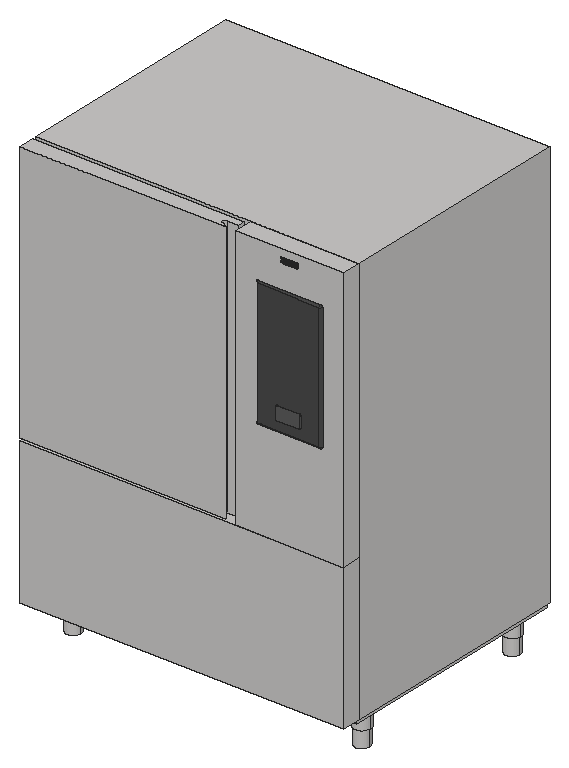
Revit family "QF_ZANUSSI_110549_ZBFA12E", category Specialty Equipment, Revit 2018
Family settings
  Round Connector Dimension = Use Diameter
  Part Type = Normal
  Work Plane-Based = No
  Always vertical = Yes
  Cut with Voids When Loaded = No
  Shared = No
  Room Calculation Point = No
Parameters
  Weight = 0.00 kg
  Watts = 510.967 W
  Volts = 380 V
  URL Manufacturer = "http://www.zanussiprofessional.com"
  URL = "http://www.zanussiprofessional.com"
  Steam Supply Size = 0 mm
  Steam Supply Minimum Pressure = 0.0 Pa
  Steam Supply Maximum Pressure = 0.0 Pa
  Steam Pounds per Hour = 0
  Show Logo [instance] = yes
  Show Clearance [instance] = yes
  Refrigeration Suction Line Size = 0 mm
  Refrigeration Liquid Line Size = 0 mm
  Refrigerant Compressor Remote = yes
  Manufacturer = "Zanussi"
  Phase = 3
  Model = "ZBFA12E"
  Length Actual = 1250 mm  # constant formula
  Item Number = "110549"
  Hot Water Size = 0 mm
  Height Actual = 1730 mm  # constant formula
  HP = "7.4 HP"
  Gas Size = 0 mm
  Gas KW = 0
  Gas Input Pressure = 0 W
  Description = "RAPIDO BLAST CHILLER FREEZER 100/70KG 10 GN 2/1"
  Depth Actual = 1092 mm  # constant formula
  Cycle = 50 Hz
  Condensate Return Size = 0 mm
  Compressed Air Volume = 0.0 L/s
  Compressed Air Size = 0 mm
  Compressed Air Pressure = 0.0 Pa
  Cold Water Size = 0 mm
  Accessory = yes
Reference planes
  plane 1 "Center X": y = 205.851
  plane 2: z = 0
  plane 3 "Center Y": x = -311.5
  plane 4 "BACK": y = 703.851
  plane 5 "FRONT": y = -292.149
  plane 6: z = 130
  plane 7 "TOP": z = 1730
  plane 8: y = 608.851
  plane 9: y = 795.851
  plane 10: y = -1071.149
  plane 11 "RIGHT": x = 313.5
  plane 12 "LEFT": x = -936.5
  plane 13: x = -869.5
  plane 14: x = 246.5
  plane 15: y = -118.149
Forms (mm)
  Extrusion 1, solid, material "QF_Finishes_Stainless Steel"
    sketch origin (0, 0, 1730) x (-1, 0, 0) y (0, -1, 0)
      loop
        line (936.5, -703.851) -> (936.5, 216.149) -> (-313.5, 216.149) -> (-313.5, -703.851) -> (936.5, -703.851)
    from 0 to -1580
  Extrusion 2, solid, material "QF_Finishes_Stainless Steel"
    sketch origin (-645.92, -0.954, 258.709) x (0, 1, 0) y (0, 0, 1)
      loop
        line (704.805, 694.306) -> (704.805, 392.314) -> (789.5, 399.789)
        arc (789.5, 399.789) -> (794.702, 402.354) -> (796.805, 407.759) r 8
        line (796.805, 407.759) -> (796.805, 433.233)
        arc (796.805, 433.233) -> (792.783, 442.547) -> (796.805, 451.86) r 12.795
        line (796.805, 451.86) -> (796.805, 483.24)
        arc (796.805, 483.24) -> (792.783, 492.554) -> (796.805, 501.867) r 12.795
        line (796.805, 501.867) -> (796.805, 533.247)
        arc (796.805, 533.247) -> (792.783, 542.56) -> (796.805, 551.874) r 12.795
        line (796.805, 551.874) -> (796.805, 583.254)
        arc (796.805, 583.254) -> (792.783, 592.567) -> (796.805, 601.881) r 12.795
        line (796.805, 601.881) -> (796.805, 634.796)
        arc (796.805, 634.796) -> (795.466, 639.795) -> (791.808, 643.455) r 10
        line (791.808, 643.455) -> (704.805, 694.306)
    from 618.187 to 801.865
  Extrusion 3, solid, material "QF_Finishes_Stainless Steel"
    sketch origin (-261.647, 703.851, 2065) x (1, 0, 0) y (0, 0, -1)
      loop
        circle (482.147, 1472) r 10.5
    from 0 to 29
  Extrusion 4, solid, material "QF_Finishes_Stainless Steel"
    sketch origin (-1206.916, -1524, 130) x (-1, 0, 0) y (0, -1, 0)
      loop
        line (-270.416, -1231.851) -> (-1520.416, -1231.851) -> (-1520.416, -1306.851) -> (-270.416, -1306.851) -> (-270.416, -1231.851)
    from 580 to 20.02
  Extrusion 5, solid, material "QF_Finishes_Stainless Steel"
    sketch origin (-1206.916, -1524, 130) x (-1, 0, 0) y (0, -1, 0)
      loop
        line (-279.416, -2227.851) -> (-279.416, -1309.851) -> (-1511.416, -1309.851) -> (-1511.416, -2227.851) -> (-279.416, -2227.851)
    from 20 to 0
  Extrusion 6, solid, material "QF_Finishes_Stainless Steel"
    sketch origin (-1206.916, -1524, 130) x (0, -1, 0) y (-1, 0, 0)
      loop
        circle (-1739.851, -840.416) r 9.5
    from 0 to 31.68
  Extrusion 7, void
    sketch origin (114.08, 0, 1730) x (-1, 0, 0) y (0, -1, 0)
      loop
        line (132.09, -795.851) -> (141.813, -795.851) -> (141.813, -703.851) -> (140.183, -703.851) -> (132.09, -795.851)
      loop
        line (-40.234, -703.851) -> (-41.865, -703.851) -> (-41.865, -795.851) -> (-32.141, -795.851) -> (-40.234, -703.851)
    from -1080 to -770
  Extrusion 8, solid, material "QF_Finishes_Stainless Steel"
    sketch origin (-623, -292.149, 0) x (1, 0, 0) y (0, 0, -1)
      loop
        line (504.7, -1730) -> (504.7, -719.524) -> (-313.5, -719.524) -> (-313.5, -1730) -> (504.7, -1730)
    from 0 to 60
  Extrusion 9, solid, material "QF_Finishes_Stainless Steel"
    sketch origin (-445.5, 0, 1060.038) x (1, 0, 0) y (0, 1, 0)
      loop
        line (759, -292.149) -> (759, -217.149) -> (342, -217.149) -> (342, -292.149) -> (759, -292.149)
    from 669.962 to -349
  Extrusion 10, solid, material "QF_Door-Drawer Clearances", visible <- "Show Clearance", detail levels coarse
    sketch origin (-623, 0, 1060.038) x (1, 0, 0) y (0, 1, 0)
      loop
        line (-260.5, -292.149) -> (-260.5, -1068.649)
        arc (-260.5, -1068.649) -> (276.158, -832.215) -> (504.7, -292.149) r 795
        line (504.7, -292.149) -> (-260.5, -292.149)
    from -340.514 to 669.962
  Extrusion 11, void
    sketch origin (136, -219.149, 1731) x (1, 0, 0) y (0, 0, -1)
      loop
        line (-387.5, 75) -> (-387.5, 977) -> (-998.5, 977) -> (-998.5, 75) -> (-387.5, 75)
    from 0 to 705
  Extrusion 12, solid, material "QF_Door-Drawer Clearances", visible <- "Show Clearance", detail levels coarse
    sketch origin (-943.5, -326.949, 0) x (0, -1, 0) y (0, 0, -1)
      loop
        line (741.7, -1730) -> (741.7, -719.524) -> (-34.8, -719.524) -> (-34.8, -1730) -> (741.7, -1730)
    from 0 to 60
  Extrusion 13, void
    sketch origin (-791.045, 3, 0) x (1, 0, 0) y (0, 1, 0)
      loop
        arc (627.437, -262.922) -> (619.313, -269.056) -> (623.077, -278.514) r 8.395
        line (623.077, -278.514) -> (650.783, -295.149) -> (672.745, -295.149) -> (672.745, -262.922) -> (627.437, -262.922)
    from 719.524 to 1730
  Extrusion 14, void
    sketch origin (-1174.194, -617.449, 0) x (0, 1, 0) y (-1, 0, 0)
      loop
        arc (-405.892, -262.922) -> (-397.768, -256.787) -> (-401.532, -247.329) r 8.395
        line (-401.532, -247.329) -> (-429.238, -230.694) -> (-451.2, -230.694) -> (-451.2, -262.922) -> (-405.892, -262.922)
    from 719.524 to 1730
Cuts and joins
  Extrusion 11 cuts Extrusion 1
  Extrusion 7, Extrusion 11 cuts Extrusion 2
  Extrusion 11 cuts Extrusion 3
  Extrusion 11 cuts Extrusion 5
  Extrusion 11 cuts Extrusion 6
  joined: Extrusion 1, Extrusion 2, Extrusion 3, Extrusion 5, Extrusion 6
  Extrusion 13 cuts Extrusion 10
  Extrusion 13, Extrusion 14 cuts Extrusion 12
  joined: Extrusion 10, Extrusion 12
  Extrusion 13 cuts Extrusion 4
  Extrusion 13 cuts Extrusion 8
Lines and regions (mm)
  Split face 1
    outline origin (775.107, -292.149, -365.12) x (-1, 0, 0) y (0, 0, -1)
      loop
        line (491.638, -548.639) -> (601.654, -548.639) -> (601.654, -543.665) -> (491.638, -543.665) -> (491.638, -548.639)
  Split face 2
    outline origin (775.107, -292.149, -355.62) x (-1, 0, 0) y (0, 0, -1)
      loop
        line (491.638, -548.639) -> (601.654, -548.639) -> (601.654, -543.665) -> (491.638, -543.665) -> (491.638, -548.639)
  Split face 3
    outline origin (775.107, -292.149, -346.12) x (-1, 0, 0) y (0, 0, -1)
      loop
        line (491.638, -548.639) -> (601.654, -548.639) -> (601.654, -543.665) -> (491.638, -543.665) -> (491.638, -548.639)
  Split face 4
    outline origin (775.107, -292.149, -336.62) x (-1, 0, 0) y (0, 0, -1)
      loop
        line (491.638, -548.639) -> (601.654, -548.639) -> (601.654, -543.665) -> (491.638, -543.665) -> (491.638, -548.639)
  Split face 5
    outline origin (775.107, -292.149, -327.12) x (-1, 0, 0) y (0, 0, -1)
      loop
        line (491.638, -548.639) -> (601.654, -548.639) -> (601.654, -543.665) -> (491.638, -543.665) -> (491.638, -548.639)
  Split face 6
    outline origin (775.107, -292.149, -317.619) x (-1, 0, 0) y (0, 0, -1)
      loop
        line (491.638, -548.639) -> (601.654, -548.639) -> (601.654, -543.665) -> (491.638, -543.665) -> (491.638, -548.639)
  Split face 7
    outline origin (775.107, -292.149, -308.119) x (-1, 0, 0) y (0, 0, -1)
      loop
        line (491.638, -548.639) -> (601.654, -548.639) -> (601.654, -543.665) -> (491.638, -543.665) -> (491.638, -548.639)
  Split face 8
    outline origin (775.107, -292.149, -298.619) x (-1, 0, 0) y (0, 0, -1)
      loop
        line (491.638, -548.639) -> (601.654, -548.639) -> (601.654, -543.665) -> (491.638, -543.665) -> (491.638, -548.639)
  Split face 9
    outline origin (775.107, -292.149, -289.119) x (-1, 0, 0) y (0, 0, -1)
      loop
        line (491.638, -548.639) -> (601.654, -548.639) -> (601.654, -543.665) -> (491.638, -543.665) -> (491.638, -548.639)
  Split face 10
    outline origin (775.107, -292.149, -279.619) x (-1, 0, 0) y (0, 0, -1)
      loop
        line (491.638, -548.639) -> (601.654, -548.639) -> (601.654, -543.665) -> (491.638, -543.665) -> (491.638, -548.639)
  Split face 11
    outline origin (775.107, -292.149, -270.119) x (-1, 0, 0) y (0, 0, -1)
      loop
        line (491.638, -548.639) -> (601.654, -548.639) -> (601.654, -543.665) -> (491.638, -543.665) -> (491.638, -548.639)
  Split face 12
    outline origin (775.107, -292.149, -260.619) x (-1, 0, 0) y (0, 0, -1)
      loop
        line (491.638, -548.639) -> (601.654, -548.639) -> (601.654, -543.665) -> (491.638, -543.665) -> (491.638, -548.639)
  Split face 13
    outline origin (775.107, -292.149, -251.119) x (-1, 0, 0) y (0, 0, -1)
      loop
        line (491.638, -548.639) -> (601.654, -548.639) -> (601.654, -543.665) -> (491.638, -543.665) -> (491.638, -548.639)
  Split face 14
    outline origin (775.107, -292.149, -241.619) x (-1, 0, 0) y (0, 0, -1)
      loop
        line (491.638, -548.639) -> (601.654, -548.639) -> (601.654, -543.665) -> (491.638, -543.665) -> (491.638, -548.639)
  Split face 15
    outline origin (775.107, -292.149, -232.119) x (-1, 0, 0) y (0, 0, -1)
      loop
        line (491.638, -548.639) -> (601.654, -548.639) -> (601.654, -543.665) -> (491.638, -543.665) -> (491.638, -548.639)
  Split face 16
    outline origin (775.107, -292.149, -222.619) x (-1, 0, 0) y (0, 0, -1)
      loop
        line (491.638, -548.639) -> (601.654, -548.639) -> (601.654, -543.665) -> (491.638, -543.665) -> (491.638, -548.639)
  Split face 17
    outline origin (775.107, -292.149, -213.119) x (-1, 0, 0) y (0, 0, -1)
      loop
        line (491.638, -548.639) -> (601.654, -548.639) -> (601.654, -543.665) -> (491.638, -543.665) -> (491.638, -548.639)
  Split face 18
    outline origin (775.107, -292.149, -203.619) x (-1, 0, 0) y (0, 0, -1)
      loop
        line (491.638, -548.639) -> (601.654, -548.639) -> (601.654, -543.665) -> (491.638, -543.665) -> (491.638, -548.639)
  Split face 19
    outline origin (775.107, -292.149, -194.118) x (-1, 0, 0) y (0, 0, -1)
      loop
        line (491.638, -548.639) -> (601.654, -548.639) -> (601.654, -543.665) -> (491.638, -543.665) -> (491.638, -548.639)
  Split face 20
    outline origin (775.107, -292.149, -184.618) x (-1, 0, 0) y (0, 0, -1)
      loop
        line (491.638, -548.639) -> (601.654, -548.639) -> (601.654, -543.665) -> (491.638, -543.665) -> (491.638, -548.639)
  Split face 21
    outline origin (775.107, -292.149, -175.118) x (-1, 0, 0) y (0, 0, -1)
      loop
        line (491.638, -548.639) -> (601.654, -548.639) -> (601.654, -543.665) -> (491.638, -543.665) -> (491.638, -548.639)
  Split face 22
    outline origin (775.107, -292.149, -165.618) x (-1, 0, 0) y (0, 0, -1)
      loop
        line (491.638, -548.639) -> (601.654, -548.639) -> (601.654, -543.665) -> (491.638, -543.665) -> (491.638, -548.639)
  Split face 23
    outline origin (775.107, -292.149, -156.118) x (-1, 0, 0) y (0, 0, -1)
      loop
        line (491.638, -548.639) -> (601.654, -548.639) -> (601.654, -543.665) -> (491.638, -543.665) -> (491.638, -548.639)
  Split face 24
    outline origin (775.107, -292.149, -146.618) x (-1, 0, 0) y (0, 0, -1)
      loop
        line (491.638, -548.639) -> (601.654, -548.639) -> (601.654, -543.665) -> (491.638, -543.665) -> (491.638, -548.639)
  Split face 25
    outline origin (775.107, -292.149, -137.118) x (-1, 0, 0) y (0, 0, -1)
      loop
        line (491.638, -548.639) -> (601.654, -548.639) -> (601.654, -543.665) -> (491.638, -543.665) -> (491.638, -548.639)
  Split face 26
    outline origin (775.107, -292.149, -127.618) x (-1, 0, 0) y (0, 0, -1)
      loop
        line (491.638, -548.639) -> (601.654, -548.639) -> (601.654, -543.665) -> (491.638, -543.665) -> (491.638, -548.639)
  Split face 27
    outline origin (775.107, -292.149, -118.118) x (-1, 0, 0) y (0, 0, -1)
      loop
        line (491.638, -548.639) -> (601.654, -548.639) -> (601.654, -543.665) -> (491.638, -543.665) -> (491.638, -548.639)
  Split face 28
    outline origin (775.107, -292.149, -108.618) x (-1, 0, 0) y (0, 0, -1)
      loop
        line (491.638, -548.639) -> (601.654, -548.639) -> (601.654, -543.665) -> (491.638, -543.665) -> (491.638, -548.639)
  Split face 29
    outline origin (775.107, -292.149, -99.118) x (-1, 0, 0) y (0, 0, -1)
      loop
        line (491.638, -548.639) -> (601.654, -548.639) -> (601.654, -543.665) -> (491.638, -543.665) -> (491.638, -548.639)
  Split face 30
    outline origin (775.107, -292.149, -89.618) x (-1, 0, 0) y (0, 0, -1)
      loop
        line (491.638, -548.639) -> (601.654, -548.639) -> (601.654, -543.665) -> (491.638, -543.665) -> (491.638, -548.639)
  Split face 31
    outline origin (775.107, -292.149, -80.117) x (-1, 0, 0) y (0, 0, -1)
      loop
        line (491.638, -548.639) -> (601.654, -548.639) -> (601.654, -543.665) -> (491.638, -543.665) -> (491.638, -548.639)
  Split face 32
    outline origin (775.107, -292.149, -70.617) x (-1, 0, 0) y (0, 0, -1)
      loop
        line (491.638, -548.639) -> (601.654, -548.639) -> (601.654, -543.665) -> (491.638, -543.665) -> (491.638, -548.639)
  Split face 33
    outline origin (775.107, -292.149, -61.117) x (-1, 0, 0) y (0, 0, -1)
      loop
        line (491.638, -548.639) -> (601.654, -548.639) -> (601.654, -543.665) -> (491.638, -543.665) -> (491.638, -548.639)
  Split face 34
    outline origin (775.107, -292.149, -51.617) x (-1, 0, 0) y (0, 0, -1)
      loop
        line (491.638, -548.639) -> (601.654, -548.639) -> (601.654, -543.665) -> (491.638, -543.665) -> (491.638, -548.639)
  Split face 35
    outline origin (775.107, -292.149, -42.117) x (-1, 0, 0) y (0, 0, -1)
      loop
        line (491.638, -548.639) -> (601.654, -548.639) -> (601.654, -543.665) -> (491.638, -543.665) -> (491.638, -548.639)
  Split face 36
    outline origin (775.107, -292.149, -32.617) x (-1, 0, 0) y (0, 0, -1)
      loop
        line (491.638, -548.639) -> (601.654, -548.639) -> (601.654, -543.665) -> (491.638, -543.665) -> (491.638, -548.639)
  Split face 37
    outline origin (775.107, -292.149, -23.117) x (-1, 0, 0) y (0, 0, -1)
      loop
        line (491.638, -548.639) -> (601.654, -548.639) -> (601.654, -543.665) -> (491.638, -543.665) -> (491.638, -548.639)
  Split face 38
    outline origin (775.107, -292.149, -13.617) x (-1, 0, 0) y (0, 0, -1)
      loop
        line (491.638, -548.639) -> (601.654, -548.639) -> (601.654, -543.665) -> (491.638, -543.665) -> (491.638, -548.639)
  Split face 39
    outline origin (775.107, -292.149, -4.117) x (-1, 0, 0) y (0, 0, -1)
      loop
        line (491.638, -548.639) -> (601.654, -548.639) -> (601.654, -543.665) -> (491.638, -543.665) -> (491.638, -548.639)
  Split face 40
    outline origin (775.107, -292.149, 5.383) x (-1, 0, 0) y (0, 0, -1)
      loop
        line (491.638, -548.639) -> (601.654, -548.639) -> (601.654, -543.665) -> (491.638, -543.665) -> (491.638, -548.639)
  Split face 41
    outline origin (775.107, -292.149, 14.883) x (-1, 0, 0) y (0, 0, -1)
      loop
        line (491.638, -548.639) -> (601.654, -548.639) -> (601.654, -543.665) -> (491.638, -543.665) -> (491.638, -548.639)
  Split face 42
    outline origin (655.115, -292.149, -365.12) x (-1, 0, 0) y (0, 0, -1)
      loop
        line (491.638, -548.639) -> (601.654, -548.639) -> (601.654, -543.665) -> (491.638, -543.665) -> (491.638, -548.639)
  Split face 43
    outline origin (655.115, -292.149, -355.62) x (-1, 0, 0) y (0, 0, -1)
      loop
        line (491.638, -548.639) -> (601.654, -548.639) -> (601.654, -543.665) -> (491.638, -543.665) -> (491.638, -548.639)
  Split face 44
    outline origin (655.115, -292.149, -346.12) x (-1, 0, 0) y (0, 0, -1)
      loop
        line (491.638, -548.639) -> (601.654, -548.639) -> (601.654, -543.665) -> (491.638, -543.665) -> (491.638, -548.639)
  Split face 45
    outline origin (655.115, -292.149, -336.62) x (-1, 0, 0) y (0, 0, -1)
      loop
        line (491.638, -548.639) -> (601.654, -548.639) -> (601.654, -543.665) -> (491.638, -543.665) -> (491.638, -548.639)
  Split face 46
    outline origin (655.115, -292.149, -327.12) x (-1, 0, 0) y (0, 0, -1)
      loop
        line (491.638, -548.639) -> (601.654, -548.639) -> (601.654, -543.665) -> (491.638, -543.665) -> (491.638, -548.639)
  Split face 47
    outline origin (655.115, -292.149, -317.619) x (-1, 0, 0) y (0, 0, -1)
      loop
        line (491.638, -548.639) -> (601.654, -548.639) -> (601.654, -543.665) -> (491.638, -543.665) -> (491.638, -548.639)
  Split face 48
    outline origin (655.115, -292.149, -308.119) x (-1, 0, 0) y (0, 0, -1)
      loop
        line (491.638, -548.639) -> (601.654, -548.639) -> (601.654, -543.665) -> (491.638, -543.665) -> (491.638, -548.639)
  Split face 49
    outline origin (655.115, -292.149, -298.619) x (-1, 0, 0) y (0, 0, -1)
      loop
        line (491.638, -548.639) -> (601.654, -548.639) -> (601.654, -543.665) -> (491.638, -543.665) -> (491.638, -548.639)
  Split face 50
    outline origin (655.115, -292.149, -289.119) x (-1, 0, 0) y (0, 0, -1)
      loop
        line (491.638, -548.639) -> (601.654, -548.639) -> (601.654, -543.665) -> (491.638, -543.665) -> (491.638, -548.639)
  Split face 51
    outline origin (655.115, -292.149, -279.619) x (-1, 0, 0) y (0, 0, -1)
      loop
        line (491.638, -548.639) -> (601.654, -548.639) -> (601.654, -543.665) -> (491.638, -543.665) -> (491.638, -548.639)
  Split face 52
    outline origin (655.115, -292.149, -270.119) x (-1, 0, 0) y (0, 0, -1)
      loop
        line (491.638, -548.639) -> (601.654, -548.639) -> (601.654, -543.665) -> (491.638, -543.665) -> (491.638, -548.639)
  Split face 53
    outline origin (655.115, -292.149, -260.619) x (-1, 0, 0) y (0, 0, -1)
      loop
        line (491.638, -548.639) -> (601.654, -548.639) -> (601.654, -543.665) -> (491.638, -543.665) -> (491.638, -548.639)
  Split face 54
    outline origin (655.115, -292.149, -251.119) x (-1, 0, 0) y (0, 0, -1)
      loop
        line (491.638, -548.639) -> (601.654, -548.639) -> (601.654, -543.665) -> (491.638, -543.665) -> (491.638, -548.639)
  Split face 55
    outline origin (655.115, -292.149, -241.619) x (-1, 0, 0) y (0, 0, -1)
      loop
        line (491.638, -548.639) -> (601.654, -548.639) -> (601.654, -543.665) -> (491.638, -543.665) -> (491.638, -548.639)
  Split face 56
    outline origin (655.115, -292.149, -232.119) x (-1, 0, 0) y (0, 0, -1)
      loop
        line (491.638, -548.639) -> (601.654, -548.639) -> (601.654, -543.665) -> (491.638, -543.665) -> (491.638, -548.639)
  Split face 57
    outline origin (655.115, -292.149, -222.619) x (-1, 0, 0) y (0, 0, -1)
      loop
        line (491.638, -548.639) -> (601.654, -548.639) -> (601.654, -543.665) -> (491.638, -543.665) -> (491.638, -548.639)
  Split face 58
    outline origin (655.115, -292.149, -213.119) x (-1, 0, 0) y (0, 0, -1)
      loop
        line (491.638, -548.639) -> (601.654, -548.639) -> (601.654, -543.665) -> (491.638, -543.665) -> (491.638, -548.639)
  Split face 59
    outline origin (655.115, -292.149, -203.619) x (-1, 0, 0) y (0, 0, -1)
      loop
        line (491.638, -548.639) -> (601.654, -548.639) -> (601.654, -543.665) -> (491.638, -543.665) -> (491.638, -548.639)
  Split face 60
    outline origin (655.115, -292.149, -194.118) x (-1, 0, 0) y (0, 0, -1)
      loop
        line (491.638, -548.639) -> (601.654, -548.639) -> (601.654, -543.665) -> (491.638, -543.665) -> (491.638, -548.639)
  Split face 61
    outline origin (655.115, -292.149, -184.618) x (-1, 0, 0) y (0, 0, -1)
      loop
        line (491.638, -548.639) -> (601.654, -548.639) -> (601.654, -543.665) -> (491.638, -543.665) -> (491.638, -548.639)
  Split face 62
    outline origin (655.115, -292.149, -175.118) x (-1, 0, 0) y (0, 0, -1)
      loop
        line (491.638, -548.639) -> (601.654, -548.639) -> (601.654, -543.665) -> (491.638, -543.665) -> (491.638, -548.639)
  Split face 63
    outline origin (655.115, -292.149, -165.618) x (-1, 0, 0) y (0, 0, -1)
      loop
        line (491.638, -548.639) -> (601.654, -548.639) -> (601.654, -543.665) -> (491.638, -543.665) -> (491.638, -548.639)
  Split face 64
    outline origin (655.115, -292.149, -156.118) x (-1, 0, 0) y (0, 0, -1)
      loop
        line (491.638, -548.639) -> (601.654, -548.639) -> (601.654, -543.665) -> (491.638, -543.665) -> (491.638, -548.639)
  Split face 65
    outline origin (655.115, -292.149, -146.618) x (-1, 0, 0) y (0, 0, -1)
      loop
        line (491.638, -548.639) -> (601.654, -548.639) -> (601.654, -543.665) -> (491.638, -543.665) -> (491.638, -548.639)
  Split face 66
    outline origin (655.115, -292.149, -137.118) x (-1, 0, 0) y (0, 0, -1)
      loop
        line (491.638, -548.639) -> (601.654, -548.639) -> (601.654, -543.665) -> (491.638, -543.665) -> (491.638, -548.639)
  Split face 67
    outline origin (655.115, -292.149, -127.618) x (-1, 0, 0) y (0, 0, -1)
      loop
        line (491.638, -548.639) -> (601.654, -548.639) -> (601.654, -543.665) -> (491.638, -543.665) -> (491.638, -548.639)
  Split face 68
    outline origin (655.115, -292.149, -118.118) x (-1, 0, 0) y (0, 0, -1)
      loop
        line (491.638, -548.639) -> (601.654, -548.639) -> (601.654, -543.665) -> (491.638, -543.665) -> (491.638, -548.639)
  Split face 69
    outline origin (655.115, -292.149, -108.618) x (-1, 0, 0) y (0, 0, -1)
      loop
        line (491.638, -548.639) -> (601.654, -548.639) -> (601.654, -543.665) -> (491.638, -543.665) -> (491.638, -548.639)
  Split face 70
    outline origin (655.115, -292.149, -99.118) x (-1, 0, 0) y (0, 0, -1)
      loop
        line (491.638, -548.639) -> (601.654, -548.639) -> (601.654, -543.665) -> (491.638, -543.665) -> (491.638, -548.639)
  Split face 71
    outline origin (655.115, -292.149, -89.618) x (-1, 0, 0) y (0, 0, -1)
      loop
        line (491.638, -548.639) -> (601.654, -548.639) -> (601.654, -543.665) -> (491.638, -543.665) -> (491.638, -548.639)
  Split face 72
    outline origin (655.115, -292.149, -80.117) x (-1, 0, 0) y (0, 0, -1)
      loop
        line (491.638, -548.639) -> (601.654, -548.639) -> (601.654, -543.665) -> (491.638, -543.665) -> (491.638, -548.639)
  Split face 73
    outline origin (655.115, -292.149, -70.617) x (-1, 0, 0) y (0, 0, -1)
      loop
        line (491.638, -548.639) -> (601.654, -548.639) -> (601.654, -543.665) -> (491.638, -543.665) -> (491.638, -548.639)
  Split face 74
    outline origin (655.115, -292.149, -61.117) x (-1, 0, 0) y (0, 0, -1)
      loop
        line (491.638, -548.639) -> (601.654, -548.639) -> (601.654, -543.665) -> (491.638, -543.665) -> (491.638, -548.639)
  Split face 75
    outline origin (655.115, -292.149, -51.617) x (-1, 0, 0) y (0, 0, -1)
      loop
        line (491.638, -548.639) -> (601.654, -548.639) -> (601.654, -543.665) -> (491.638, -543.665) -> (491.638, -548.639)
  Split face 76
    outline origin (655.115, -292.149, -42.117) x (-1, 0, 0) y (0, 0, -1)
      loop
        line (491.638, -548.639) -> (601.654, -548.639) -> (601.654, -543.665) -> (491.638, -543.665) -> (491.638, -548.639)
  Split face 77
    outline origin (655.115, -292.149, -32.617) x (-1, 0, 0) y (0, 0, -1)
      loop
        line (491.638, -548.639) -> (601.654, -548.639) -> (601.654, -543.665) -> (491.638, -543.665) -> (491.638, -548.639)
  Split face 78
    outline origin (655.115, -292.149, -23.117) x (-1, 0, 0) y (0, 0, -1)
      loop
        line (491.638, -548.639) -> (601.654, -548.639) -> (601.654, -543.665) -> (491.638, -543.665) -> (491.638, -548.639)
  Split face 79
    outline origin (655.115, -292.149, -13.617) x (-1, 0, 0) y (0, 0, -1)
      loop
        line (491.638, -548.639) -> (601.654, -548.639) -> (601.654, -543.665) -> (491.638, -543.665) -> (491.638, -548.639)
  Split face 80
    outline origin (655.115, -292.149, -4.117) x (-1, 0, 0) y (0, 0, -1)
      loop
        line (491.638, -548.639) -> (601.654, -548.639) -> (601.654, -543.665) -> (491.638, -543.665) -> (491.638, -548.639)
  Split face 81
    outline origin (655.115, -292.149, 5.383) x (-1, 0, 0) y (0, 0, -1)
      loop
        line (491.638, -548.639) -> (601.654, -548.639) -> (601.654, -543.665) -> (491.638, -543.665) -> (491.638, -548.639)
  Split face 82
    outline origin (655.115, -292.149, 14.883) x (-1, 0, 0) y (0, 0, -1)
      loop
        line (491.638, -548.639) -> (601.654, -548.639) -> (601.654, -543.665) -> (491.638, -543.665) -> (491.638, -548.639)
  Split face 83
    outline origin (535.124, -292.149, -365.12) x (-1, 0, 0) y (0, 0, -1)
      loop
        line (491.638, -548.639) -> (601.654, -548.639) -> (601.654, -543.665) -> (491.638, -543.665) -> (491.638, -548.639)
  Split face 84
    outline origin (535.124, -292.149, -355.62) x (-1, 0, 0) y (0, 0, -1)
      loop
        line (491.638, -548.639) -> (601.654, -548.639) -> (601.654, -543.665) -> (491.638, -543.665) -> (491.638, -548.639)
  Split face 85
    outline origin (535.124, -292.149, -346.12) x (-1, 0, 0) y (0, 0, -1)
      loop
        line (491.638, -548.639) -> (601.654, -548.639) -> (601.654, -543.665) -> (491.638, -543.665) -> (491.638, -548.639)
  Split face 86
    outline origin (535.124, -292.149, -336.62) x (-1, 0, 0) y (0, 0, -1)
      loop
        line (491.638, -548.639) -> (601.654, -548.639) -> (601.654, -543.665) -> (491.638, -543.665) -> (491.638, -548.639)
  Split face 87
    outline origin (535.124, -292.149, -327.12) x (-1, 0, 0) y (0, 0, -1)
      loop
        line (491.638, -548.639) -> (601.654, -548.639) -> (601.654, -543.665) -> (491.638, -543.665) -> (491.638, -548.639)
  Split face 88
    outline origin (535.124, -292.149, -317.619) x (-1, 0, 0) y (0, 0, -1)
      loop
        line (491.638, -548.639) -> (601.654, -548.639) -> (601.654, -543.665) -> (491.638, -543.665) -> (491.638, -548.639)
  Split face 89
    outline origin (535.124, -292.149, -308.119) x (-1, 0, 0) y (0, 0, -1)
      loop
        line (491.638, -548.639) -> (601.654, -548.639) -> (601.654, -543.665) -> (491.638, -543.665) -> (491.638, -548.639)
  Split face 90
    outline origin (535.124, -292.149, -298.619) x (-1, 0, 0) y (0, 0, -1)
      loop
        line (491.638, -548.639) -> (601.654, -548.639) -> (601.654, -543.665) -> (491.638, -543.665) -> (491.638, -548.639)
  Split face 91
    outline origin (535.124, -292.149, -289.119) x (-1, 0, 0) y (0, 0, -1)
      loop
        line (491.638, -548.639) -> (601.654, -548.639) -> (601.654, -543.665) -> (491.638, -543.665) -> (491.638, -548.639)
  Split face 92
    outline origin (535.124, -292.149, -279.619) x (-1, 0, 0) y (0, 0, -1)
      loop
        line (491.638, -548.639) -> (601.654, -548.639) -> (601.654, -543.665) -> (491.638, -543.665) -> (491.638, -548.639)
  Split face 93
    outline origin (535.124, -292.149, -270.119) x (-1, 0, 0) y (0, 0, -1)
      loop
        line (491.638, -548.639) -> (601.654, -548.639) -> (601.654, -543.665) -> (491.638, -543.665) -> (491.638, -548.639)
  Split face 94
    outline origin (535.124, -292.149, -260.619) x (-1, 0, 0) y (0, 0, -1)
      loop
        line (491.638, -548.639) -> (601.654, -548.639) -> (601.654, -543.665) -> (491.638, -543.665) -> (491.638, -548.639)
  Split face 95
    outline origin (535.124, -292.149, -251.119) x (-1, 0, 0) y (0, 0, -1)
      loop
        line (491.638, -548.639) -> (601.654, -548.639) -> (601.654, -543.665) -> (491.638, -543.665) -> (491.638, -548.639)
  Split face 96
    outline origin (535.124, -292.149, -241.619) x (-1, 0, 0) y (0, 0, -1)
      loop
        line (491.638, -548.639) -> (601.654, -548.639) -> (601.654, -543.665) -> (491.638, -543.665) -> (491.638, -548.639)
  Split face 97
    outline origin (535.124, -292.149, -232.119) x (-1, 0, 0) y (0, 0, -1)
      loop
        line (491.638, -548.639) -> (601.654, -548.639) -> (601.654, -543.665) -> (491.638, -543.665) -> (491.638, -548.639)
  Split face 98
    outline origin (535.124, -292.149, -222.619) x (-1, 0, 0) y (0, 0, -1)
      loop
        line (491.638, -548.639) -> (601.654, -548.639) -> (601.654, -543.665) -> (491.638, -543.665) -> (491.638, -548.639)
  Split face 99
    outline origin (535.124, -292.149, -213.119) x (-1, 0, 0) y (0, 0, -1)
      loop
        line (491.638, -548.639) -> (601.654, -548.639) -> (601.654, -543.665) -> (491.638, -543.665) -> (491.638, -548.639)
  Split face 100
    outline origin (535.124, -292.149, -203.619) x (-1, 0, 0) y (0, 0, -1)
      loop
        line (491.638, -548.639) -> (601.654, -548.639) -> (601.654, -543.665) -> (491.638, -543.665) -> (491.638, -548.639)
  Split face 101
    outline origin (535.124, -292.149, -194.118) x (-1, 0, 0) y (0, 0, -1)
      loop
        line (491.638, -548.639) -> (601.654, -548.639) -> (601.654, -543.665) -> (491.638, -543.665) -> (491.638, -548.639)
  Split face 102
    outline origin (535.124, -292.149, -184.618) x (-1, 0, 0) y (0, 0, -1)
      loop
        line (491.638, -548.639) -> (601.654, -548.639) -> (601.654, -543.665) -> (491.638, -543.665) -> (491.638, -548.639)
  Split face 103
    outline origin (535.124, -292.149, -175.118) x (-1, 0, 0) y (0, 0, -1)
      loop
        line (491.638, -548.639) -> (601.654, -548.639) -> (601.654, -543.665) -> (491.638, -543.665) -> (491.638, -548.639)
  Split face 104
    outline origin (535.124, -292.149, -165.618) x (-1, 0, 0) y (0, 0, -1)
      loop
        line (491.638, -548.639) -> (601.654, -548.639) -> (601.654, -543.665) -> (491.638, -543.665) -> (491.638, -548.639)
  Split face 105
    outline origin (535.124, -292.149, -156.118) x (-1, 0, 0) y (0, 0, -1)
      loop
        line (491.638, -548.639) -> (601.654, -548.639) -> (601.654, -543.665) -> (491.638, -543.665) -> (491.638, -548.639)
  Split face 106
    outline origin (535.124, -292.149, -146.618) x (-1, 0, 0) y (0, 0, -1)
      loop
        line (491.638, -548.639) -> (601.654, -548.639) -> (601.654, -543.665) -> (491.638, -543.665) -> (491.638, -548.639)
  Split face 107
    outline origin (535.124, -292.149, -137.118) x (-1, 0, 0) y (0, 0, -1)
      loop
        line (491.638, -548.639) -> (601.654, -548.639) -> (601.654, -543.665) -> (491.638, -543.665) -> (491.638, -548.639)
  Split face 108
    outline origin (535.124, -292.149, -127.618) x (-1, 0, 0) y (0, 0, -1)
      loop
        line (491.638, -548.639) -> (601.654, -548.639) -> (601.654, -543.665) -> (491.638, -543.665) -> (491.638, -548.639)
  Split face 109
    outline origin (535.124, -292.149, -118.118) x (-1, 0, 0) y (0, 0, -1)
      loop
        line (491.638, -548.639) -> (601.654, -548.639) -> (601.654, -543.665) -> (491.638, -543.665) -> (491.638, -548.639)
  Split face 110
    outline origin (535.124, -292.149, -108.618) x (-1, 0, 0) y (0, 0, -1)
      loop
        line (491.638, -548.639) -> (601.654, -548.639) -> (601.654, -543.665) -> (491.638, -543.665) -> (491.638, -548.639)
  Split face 111
    outline origin (535.124, -292.149, -99.118) x (-1, 0, 0) y (0, 0, -1)
      loop
        line (491.638, -548.639) -> (601.654, -548.639) -> (601.654, -543.665) -> (491.638, -543.665) -> (491.638, -548.639)
  Split face 112
    outline origin (535.124, -292.149, -89.618) x (-1, 0, 0) y (0, 0, -1)
      loop
        line (491.638, -548.639) -> (601.654, -548.639) -> (601.654, -543.665) -> (491.638, -543.665) -> (491.638, -548.639)
  Split face 113
    outline origin (535.124, -292.149, -80.117) x (-1, 0, 0) y (0, 0, -1)
      loop
        line (491.638, -548.639) -> (601.654, -548.639) -> (601.654, -543.665) -> (491.638, -543.665) -> (491.638, -548.639)
  Split face 114
    outline origin (535.124, -292.149, -70.617) x (-1, 0, 0) y (0, 0, -1)
      loop
        line (491.638, -548.639) -> (601.654, -548.639) -> (601.654, -543.665) -> (491.638, -543.665) -> (491.638, -548.639)
  Split face 115
    outline origin (535.124, -292.149, -61.117) x (-1, 0, 0) y (0, 0, -1)
      loop
        line (491.638, -548.639) -> (601.654, -548.639) -> (601.654, -543.665) -> (491.638, -543.665) -> (491.638, -548.639)
  Split face 116
    outline origin (535.124, -292.149, -51.617) x (-1, 0, 0) y (0, 0, -1)
      loop
        line (491.638, -548.639) -> (601.654, -548.639) -> (601.654, -543.665) -> (491.638, -543.665) -> (491.638, -548.639)
  Split face 117
    outline origin (535.124, -292.149, -42.117) x (-1, 0, 0) y (0, 0, -1)
      loop
        line (491.638, -548.639) -> (601.654, -548.639) -> (601.654, -543.665) -> (491.638, -543.665) -> (491.638, -548.639)
  Split face 118
    outline origin (535.124, -292.149, -32.617) x (-1, 0, 0) y (0, 0, -1)
      loop
        line (491.638, -548.639) -> (601.654, -548.639) -> (601.654, -543.665) -> (491.638, -543.665) -> (491.638, -548.639)
  Split face 119
    outline origin (535.124, -292.149, -23.117) x (-1, 0, 0) y (0, 0, -1)
      loop
        line (491.638, -548.639) -> (601.654, -548.639) -> (601.654, -543.665) -> (491.638, -543.665) -> (491.638, -548.639)
  Split face 120
    outline origin (535.124, -292.149, -13.617) x (-1, 0, 0) y (0, 0, -1)
      loop
        line (491.638, -548.639) -> (601.654, -548.639) -> (601.654, -543.665) -> (491.638, -543.665) -> (491.638, -548.639)
  Split face 121
    outline origin (535.124, -292.149, -4.117) x (-1, 0, 0) y (0, 0, -1)
      loop
        line (491.638, -548.639) -> (601.654, -548.639) -> (601.654, -543.665) -> (491.638, -543.665) -> (491.638, -548.639)
  Split face 122
    outline origin (535.124, -292.149, 5.383) x (-1, 0, 0) y (0, 0, -1)
      loop
        line (491.638, -548.639) -> (601.654, -548.639) -> (601.654, -543.665) -> (491.638, -543.665) -> (491.638, -548.639)
  Split face 123
    outline origin (535.124, -292.149, 14.883) x (-1, 0, 0) y (0, 0, -1)
      loop
        line (491.638, -548.639) -> (601.654, -548.639) -> (601.654, -543.665) -> (491.638, -543.665) -> (491.638, -548.639)
  Split face 124
    outline origin (415.133, -292.149, -365.12) x (-1, 0, 0) y (0, 0, -1)
      loop
        line (491.638, -548.639) -> (601.654, -548.639) -> (601.654, -543.665) -> (491.638, -543.665) -> (491.638, -548.639)
  Split face 125
    outline origin (415.133, -292.149, -355.62) x (-1, 0, 0) y (0, 0, -1)
      loop
        line (491.638, -548.639) -> (601.654, -548.639) -> (601.654, -543.665) -> (491.638, -543.665) -> (491.638, -548.639)
  Split face 126
    outline origin (415.133, -292.149, -346.12) x (-1, 0, 0) y (0, 0, -1)
      loop
        line (491.638, -548.639) -> (601.654, -548.639) -> (601.654, -543.665) -> (491.638, -543.665) -> (491.638, -548.639)
  Split face 127
    outline origin (415.133, -292.149, -336.62) x (-1, 0, 0) y (0, 0, -1)
      loop
        line (491.638, -548.639) -> (601.654, -548.639) -> (601.654, -543.665) -> (491.638, -543.665) -> (491.638, -548.639)
  Split face 128
    outline origin (415.133, -292.149, -327.12) x (-1, 0, 0) y (0, 0, -1)
      loop
        line (491.638, -548.639) -> (601.654, -548.639) -> (601.654, -543.665) -> (491.638, -543.665) -> (491.638, -548.639)
  Split face 129
    outline origin (415.133, -292.149, -317.619) x (-1, 0, 0) y (0, 0, -1)
      loop
        line (491.638, -548.639) -> (601.654, -548.639) -> (601.654, -543.665) -> (491.638, -543.665) -> (491.638, -548.639)
  Split face 130
    outline origin (415.133, -292.149, -308.119) x (-1, 0, 0) y (0, 0, -1)
      loop
        line (491.638, -548.639) -> (601.654, -548.639) -> (601.654, -543.665) -> (491.638, -543.665) -> (491.638, -548.639)
  Split face 131
    outline origin (415.133, -292.149, -298.619) x (-1, 0, 0) y (0, 0, -1)
      loop
        line (491.638, -548.639) -> (601.654, -548.639) -> (601.654, -543.665) -> (491.638, -543.665) -> (491.638, -548.639)
  Split face 132
    outline origin (415.133, -292.149, -289.119) x (-1, 0, 0) y (0, 0, -1)
      loop
        line (491.638, -548.639) -> (601.654, -548.639) -> (601.654, -543.665) -> (491.638, -543.665) -> (491.638, -548.639)
  Split face 133
    outline origin (415.133, -292.149, -279.619) x (-1, 0, 0) y (0, 0, -1)
      loop
        line (491.638, -548.639) -> (601.654, -548.639) -> (601.654, -543.665) -> (491.638, -543.665) -> (491.638, -548.639)
  Split face 134
    outline origin (415.133, -292.149, -270.119) x (-1, 0, 0) y (0, 0, -1)
      loop
        line (491.638, -548.639) -> (601.654, -548.639) -> (601.654, -543.665) -> (491.638, -543.665) -> (491.638, -548.639)
  Split face 135
    outline origin (415.133, -292.149, -260.619) x (-1, 0, 0) y (0, 0, -1)
      loop
        line (491.638, -548.639) -> (601.654, -548.639) -> (601.654, -543.665) -> (491.638, -543.665) -> (491.638, -548.639)
  Split face 136
    outline origin (415.133, -292.149, -251.119) x (-1, 0, 0) y (0, 0, -1)
      loop
        line (491.638, -548.639) -> (601.654, -548.639) -> (601.654, -543.665) -> (491.638, -543.665) -> (491.638, -548.639)
  Split face 137
    outline origin (415.133, -292.149, -241.619) x (-1, 0, 0) y (0, 0, -1)
      loop
        line (491.638, -548.639) -> (601.654, -548.639) -> (601.654, -543.665) -> (491.638, -543.665) -> (491.638, -548.639)
  Split face 138
    outline origin (415.133, -292.149, -232.119) x (-1, 0, 0) y (0, 0, -1)
      loop
        line (491.638, -548.639) -> (601.654, -548.639) -> (601.654, -543.665) -> (491.638, -543.665) -> (491.638, -548.639)
  Split face 139
    outline origin (415.133, -292.149, -222.619) x (-1, 0, 0) y (0, 0, -1)
      loop
        line (491.638, -548.639) -> (601.654, -548.639) -> (601.654, -543.665) -> (491.638, -543.665) -> (491.638, -548.639)
  Split face 140
    outline origin (415.133, -292.149, -213.119) x (-1, 0, 0) y (0, 0, -1)
      loop
        line (491.638, -548.639) -> (601.654, -548.639) -> (601.654, -543.665) -> (491.638, -543.665) -> (491.638, -548.639)
  Split face 141
    outline origin (415.133, -292.149, -203.619) x (-1, 0, 0) y (0, 0, -1)
      loop
        line (491.638, -548.639) -> (601.654, -548.639) -> (601.654, -543.665) -> (491.638, -543.665) -> (491.638, -548.639)
  Split face 142
    outline origin (415.133, -292.149, -194.118) x (-1, 0, 0) y (0, 0, -1)
      loop
        line (491.638, -548.639) -> (601.654, -548.639) -> (601.654, -543.665) -> (491.638, -543.665) -> (491.638, -548.639)
  Split face 143
    outline origin (415.133, -292.149, -184.618) x (-1, 0, 0) y (0, 0, -1)
      loop
        line (491.638, -548.639) -> (601.654, -548.639) -> (601.654, -543.665) -> (491.638, -543.665) -> (491.638, -548.639)
  Split face 144
    outline origin (415.133, -292.149, -175.118) x (-1, 0, 0) y (0, 0, -1)
      loop
        line (491.638, -548.639) -> (601.654, -548.639) -> (601.654, -543.665) -> (491.638, -543.665) -> (491.638, -548.639)
  Split face 145
    outline origin (415.133, -292.149, -165.618) x (-1, 0, 0) y (0, 0, -1)
      loop
        line (491.638, -548.639) -> (601.654, -548.639) -> (601.654, -543.665) -> (491.638, -543.665) -> (491.638, -548.639)
  Split face 146
    outline origin (415.133, -292.149, -156.118) x (-1, 0, 0) y (0, 0, -1)
      loop
        line (491.638, -548.639) -> (601.654, -548.639) -> (601.654, -543.665) -> (491.638, -543.665) -> (491.638, -548.639)
  Split face 147
    outline origin (415.133, -292.149, -146.618) x (-1, 0, 0) y (0, 0, -1)
      loop
        line (491.638, -548.639) -> (601.654, -548.639) -> (601.654, -543.665) -> (491.638, -543.665) -> (491.638, -548.639)
  Split face 148
    outline origin (415.133, -292.149, -137.118) x (-1, 0, 0) y (0, 0, -1)
      loop
        line (491.638, -548.639) -> (601.654, -548.639) -> (601.654, -543.665) -> (491.638, -543.665) -> (491.638, -548.639)
  Split face 149
    outline origin (415.133, -292.149, -127.618) x (-1, 0, 0) y (0, 0, -1)
      loop
        line (491.638, -548.639) -> (601.654, -548.639) -> (601.654, -543.665) -> (491.638, -543.665) -> (491.638, -548.639)
  Split face 150
    outline origin (415.133, -292.149, -118.118) x (-1, 0, 0) y (0, 0, -1)
      loop
        line (491.638, -548.639) -> (601.654, -548.639) -> (601.654, -543.665) -> (491.638, -543.665) -> (491.638, -548.639)
  Split face 151
    outline origin (415.133, -292.149, -108.618) x (-1, 0, 0) y (0, 0, -1)
      loop
        line (491.638, -548.639) -> (601.654, -548.639) -> (601.654, -543.665) -> (491.638, -543.665) -> (491.638, -548.639)
  Split face 152
    outline origin (415.133, -292.149, -99.118) x (-1, 0, 0) y (0, 0, -1)
      loop
        line (491.638, -548.639) -> (601.654, -548.639) -> (601.654, -543.665) -> (491.638, -543.665) -> (491.638, -548.639)
  Split face 153
    outline origin (415.133, -292.149, -89.618) x (-1, 0, 0) y (0, 0, -1)
      loop
        line (491.638, -548.639) -> (601.654, -548.639) -> (601.654, -543.665) -> (491.638, -543.665) -> (491.638, -548.639)
  Split face 154
    outline origin (415.133, -292.149, -80.117) x (-1, 0, 0) y (0, 0, -1)
      loop
        line (491.638, -548.639) -> (601.654, -548.639) -> (601.654, -543.665) -> (491.638, -543.665) -> (491.638, -548.639)
  Split face 155
    outline origin (415.133, -292.149, -70.617) x (-1, 0, 0) y (0, 0, -1)
      loop
        line (491.638, -548.639) -> (601.654, -548.639) -> (601.654, -543.665) -> (491.638, -543.665) -> (491.638, -548.639)
  Split face 156
    outline origin (415.133, -292.149, -61.117) x (-1, 0, 0) y (0, 0, -1)
      loop
        line (491.638, -548.639) -> (601.654, -548.639) -> (601.654, -543.665) -> (491.638, -543.665) -> (491.638, -548.639)
  Split face 157
    outline origin (415.133, -292.149, -51.617) x (-1, 0, 0) y (0, 0, -1)
      loop
        line (491.638, -548.639) -> (601.654, -548.639) -> (601.654, -543.665) -> (491.638, -543.665) -> (491.638, -548.639)
  Split face 158
    outline origin (415.133, -292.149, -42.117) x (-1, 0, 0) y (0, 0, -1)
      loop
        line (491.638, -548.639) -> (601.654, -548.639) -> (601.654, -543.665) -> (491.638, -543.665) -> (491.638, -548.639)
  Split face 159
    outline origin (415.133, -292.149, -32.617) x (-1, 0, 0) y (0, 0, -1)
      loop
        line (491.638, -548.639) -> (601.654, -548.639) -> (601.654, -543.665) -> (491.638, -543.665) -> (491.638, -548.639)
  Split face 160
    outline origin (415.133, -292.149, -23.117) x (-1, 0, 0) y (0, 0, -1)
      loop
        line (491.638, -548.639) -> (601.654, -548.639) -> (601.654, -543.665) -> (491.638, -543.665) -> (491.638, -548.639)
  Split face 161
    outline origin (415.133, -292.149, -13.617) x (-1, 0, 0) y (0, 0, -1)
      loop
        line (491.638, -548.639) -> (601.654, -548.639) -> (601.654, -543.665) -> (491.638, -543.665) -> (491.638, -548.639)
  Split face 162
    outline origin (415.133, -292.149, -4.117) x (-1, 0, 0) y (0, 0, -1)
      loop
        line (491.638, -548.639) -> (601.654, -548.639) -> (601.654, -543.665) -> (491.638, -543.665) -> (491.638, -548.639)
  Split face 163
    outline origin (415.133, -292.149, 5.383) x (-1, 0, 0) y (0, 0, -1)
      loop
        line (491.638, -548.639) -> (601.654, -548.639) -> (601.654, -543.665) -> (491.638, -543.665) -> (491.638, -548.639)
  Split face 164
    outline origin (415.133, -292.149, 14.883) x (-1, 0, 0) y (0, 0, -1)
      loop
        line (491.638, -548.639) -> (601.654, -548.639) -> (601.654, -543.665) -> (491.638, -543.665) -> (491.638, -548.639)
  Split face 165
    outline origin (290.168, -292.149, -365.12) x (-1, 0, 0) y (0, 0, -1)
      loop
        line (846.638, -548.639) -> (956.654, -548.639) -> (956.654, -543.665) -> (846.638, -543.665) -> (846.638, -548.639)
  Split face 166
    outline origin (290.168, -292.149, -355.62) x (-1, 0, 0) y (0, 0, -1)
      loop
        line (846.638, -548.639) -> (956.654, -548.639) -> (956.654, -543.665) -> (846.638, -543.665) -> (846.638, -548.639)
  Split face 167
    outline origin (290.168, -292.149, -346.12) x (-1, 0, 0) y (0, 0, -1)
      loop
        line (846.638, -548.639) -> (956.654, -548.639) -> (956.654, -543.665) -> (846.638, -543.665) -> (846.638, -548.639)
  Split face 168
    outline origin (290.168, -292.149, -336.62) x (-1, 0, 0) y (0, 0, -1)
      loop
        line (846.638, -548.639) -> (956.654, -548.639) -> (956.654, -543.665) -> (846.638, -543.665) -> (846.638, -548.639)
  Split face 169
    outline origin (290.168, -292.149, -327.12) x (-1, 0, 0) y (0, 0, -1)
      loop
        line (846.638, -548.639) -> (956.654, -548.639) -> (956.654, -543.665) -> (846.638, -543.665) -> (846.638, -548.639)
  Split face 170
    outline origin (290.168, -292.149, -317.619) x (-1, 0, 0) y (0, 0, -1)
      loop
        line (846.638, -548.639) -> (956.654, -548.639) -> (956.654, -543.665) -> (846.638, -543.665) -> (846.638, -548.639)
  Split face 171
    outline origin (290.168, -292.149, -308.119) x (-1, 0, 0) y (0, 0, -1)
      loop
        line (846.638, -548.639) -> (956.654, -548.639) -> (956.654, -543.665) -> (846.638, -543.665) -> (846.638, -548.639)
  Split face 172
    outline origin (290.168, -292.149, -298.619) x (-1, 0, 0) y (0, 0, -1)
      loop
        line (846.638, -548.639) -> (956.654, -548.639) -> (956.654, -543.665) -> (846.638, -543.665) -> (846.638, -548.639)
  Split face 173
    outline origin (290.168, -292.149, -289.119) x (-1, 0, 0) y (0, 0, -1)
      loop
        line (846.638, -548.639) -> (956.654, -548.639) -> (956.654, -543.665) -> (846.638, -543.665) -> (846.638, -548.639)
  Split face 174
    outline origin (290.168, -292.149, -279.619) x (-1, 0, 0) y (0, 0, -1)
      loop
        line (846.638, -548.639) -> (956.654, -548.639) -> (956.654, -543.665) -> (846.638, -543.665) -> (846.638, -548.639)
  Split face 175
    outline origin (290.168, -292.149, -270.119) x (-1, 0, 0) y (0, 0, -1)
      loop
        line (846.638, -548.639) -> (956.654, -548.639) -> (956.654, -543.665) -> (846.638, -543.665) -> (846.638, -548.639)
  Split face 176
    outline origin (290.168, -292.149, -260.619) x (-1, 0, 0) y (0, 0, -1)
      loop
        line (846.638, -548.639) -> (956.654, -548.639) -> (956.654, -543.665) -> (846.638, -543.665) -> (846.638, -548.639)
  Split face 177
    outline origin (290.168, -292.149, -251.119) x (-1, 0, 0) y (0, 0, -1)
      loop
        line (846.638, -548.639) -> (956.654, -548.639) -> (956.654, -543.665) -> (846.638, -543.665) -> (846.638, -548.639)
  Split face 178
    outline origin (290.168, -292.149, -241.619) x (-1, 0, 0) y (0, 0, -1)
      loop
        line (846.638, -548.639) -> (956.654, -548.639) -> (956.654, -543.665) -> (846.638, -543.665) -> (846.638, -548.639)
  Split face 179
    outline origin (290.168, -292.149, -232.119) x (-1, 0, 0) y (0, 0, -1)
      loop
        line (846.638, -548.639) -> (956.654, -548.639) -> (956.654, -543.665) -> (846.638, -543.665) -> (846.638, -548.639)
  Split face 180
    outline origin (290.168, -292.149, -222.619) x (-1, 0, 0) y (0, 0, -1)
      loop
        line (846.638, -548.639) -> (956.654, -548.639) -> (956.654, -543.665) -> (846.638, -543.665) -> (846.638, -548.639)
  Split face 181
    outline origin (290.168, -292.149, -213.119) x (-1, 0, 0) y (0, 0, -1)
      loop
        line (846.638, -548.639) -> (956.654, -548.639) -> (956.654, -543.665) -> (846.638, -543.665) -> (846.638, -548.639)
  Split face 182
    outline origin (290.168, -292.149, -203.619) x (-1, 0, 0) y (0, 0, -1)
      loop
        line (846.638, -548.639) -> (956.654, -548.639) -> (956.654, -543.665) -> (846.638, -543.665) -> (846.638, -548.639)
  Split face 183
    outline origin (290.168, -292.149, -194.118) x (-1, 0, 0) y (0, 0, -1)
      loop
        line (846.638, -548.639) -> (956.654, -548.639) -> (956.654, -543.665) -> (846.638, -543.665) -> (846.638, -548.639)
  Split face 184
    outline origin (290.168, -292.149, -184.618) x (-1, 0, 0) y (0, 0, -1)
      loop
        line (846.638, -548.639) -> (956.654, -548.639) -> (956.654, -543.665) -> (846.638, -543.665) -> (846.638, -548.639)
  Split face 185
    outline origin (290.168, -292.149, -175.118) x (-1, 0, 0) y (0, 0, -1)
      loop
        line (846.638, -548.639) -> (956.654, -548.639) -> (956.654, -543.665) -> (846.638, -543.665) -> (846.638, -548.639)
  Split face 186
    outline origin (290.168, -292.149, -165.618) x (-1, 0, 0) y (0, 0, -1)
      loop
        line (846.638, -548.639) -> (956.654, -548.639) -> (956.654, -543.665) -> (846.638, -543.665) -> (846.638, -548.639)
  Split face 187
    outline origin (290.168, -292.149, -156.118) x (-1, 0, 0) y (0, 0, -1)
      loop
        line (846.638, -548.639) -> (956.654, -548.639) -> (956.654, -543.665) -> (846.638, -543.665) -> (846.638, -548.639)
  Split face 188
    outline origin (290.168, -292.149, -146.618) x (-1, 0, 0) y (0, 0, -1)
      loop
        line (846.638, -548.639) -> (956.654, -548.639) -> (956.654, -543.665) -> (846.638, -543.665) -> (846.638, -548.639)
  Split face 189
    outline origin (290.168, -292.149, -137.118) x (-1, 0, 0) y (0, 0, -1)
      loop
        line (846.638, -548.639) -> (956.654, -548.639) -> (956.654, -543.665) -> (846.638, -543.665) -> (846.638, -548.639)
  Split face 190
    outline origin (290.168, -292.149, -127.618) x (-1, 0, 0) y (0, 0, -1)
      loop
        line (846.638, -548.639) -> (956.654, -548.639) -> (956.654, -543.665) -> (846.638, -543.665) -> (846.638, -548.639)
  Split face 191
    outline origin (290.168, -292.149, -118.118) x (-1, 0, 0) y (0, 0, -1)
      loop
        line (846.638, -548.639) -> (956.654, -548.639) -> (956.654, -543.665) -> (846.638, -543.665) -> (846.638, -548.639)
  Split face 192
    outline origin (290.168, -292.149, -108.618) x (-1, 0, 0) y (0, 0, -1)
      loop
        line (846.638, -548.639) -> (956.654, -548.639) -> (956.654, -543.665) -> (846.638, -543.665) -> (846.638, -548.639)
  Split face 193
    outline origin (290.168, -292.149, -99.118) x (-1, 0, 0) y (0, 0, -1)
      loop
        line (846.638, -548.639) -> (956.654, -548.639) -> (956.654, -543.665) -> (846.638, -543.665) -> (846.638, -548.639)
  Split face 194
    outline origin (290.168, -292.149, -89.618) x (-1, 0, 0) y (0, 0, -1)
      loop
        line (846.638, -548.639) -> (956.654, -548.639) -> (956.654, -543.665) -> (846.638, -543.665) -> (846.638, -548.639)
  Split face 195
    outline origin (290.168, -292.149, -80.117) x (-1, 0, 0) y (0, 0, -1)
      loop
        line (846.638, -548.639) -> (956.654, -548.639) -> (956.654, -543.665) -> (846.638, -543.665) -> (846.638, -548.639)
  Split face 196
    outline origin (290.168, -292.149, -70.617) x (-1, 0, 0) y (0, 0, -1)
      loop
        line (846.638, -548.639) -> (956.654, -548.639) -> (956.654, -543.665) -> (846.638, -543.665) -> (846.638, -548.639)
  Split face 197
    outline origin (290.168, -292.149, -61.117) x (-1, 0, 0) y (0, 0, -1)
      loop
        line (846.638, -548.639) -> (956.654, -548.639) -> (956.654, -543.665) -> (846.638, -543.665) -> (846.638, -548.639)
  Split face 198
    outline origin (290.168, -292.149, -51.617) x (-1, 0, 0) y (0, 0, -1)
      loop
        line (846.638, -548.639) -> (956.654, -548.639) -> (956.654, -543.665) -> (846.638, -543.665) -> (846.638, -548.639)
  Split face 199
    outline origin (290.168, -292.149, -42.117) x (-1, 0, 0) y (0, 0, -1)
      loop
        line (846.638, -548.639) -> (956.654, -548.639) -> (956.654, -543.665) -> (846.638, -543.665) -> (846.638, -548.639)
  Split face 200
    outline origin (290.168, -292.149, -32.617) x (-1, 0, 0) y (0, 0, -1)
      loop
        line (846.638, -548.639) -> (956.654, -548.639) -> (956.654, -543.665) -> (846.638, -543.665) -> (846.638, -548.639)
  Split face 201
    outline origin (290.168, -292.149, -23.117) x (-1, 0, 0) y (0, 0, -1)
      loop
        line (846.638, -548.639) -> (956.654, -548.639) -> (956.654, -543.665) -> (846.638, -543.665) -> (846.638, -548.639)
  Split face 202
    outline origin (290.168, -292.149, -13.617) x (-1, 0, 0) y (0, 0, -1)
      loop
        line (846.638, -548.639) -> (956.654, -548.639) -> (956.654, -543.665) -> (846.638, -543.665) -> (846.638, -548.639)
  Split face 203
    outline origin (290.168, -292.149, -4.117) x (-1, 0, 0) y (0, 0, -1)
      loop
        line (846.638, -548.639) -> (956.654, -548.639) -> (956.654, -543.665) -> (846.638, -543.665) -> (846.638, -548.639)
  Split face 204
    outline origin (290.168, -292.149, 5.383) x (-1, 0, 0) y (0, 0, -1)
      loop
        line (846.638, -548.639) -> (956.654, -548.639) -> (956.654, -543.665) -> (846.638, -543.665) -> (846.638, -548.639)
  Split face 205
    outline origin (290.168, -292.149, 14.883) x (-1, 0, 0) y (0, 0, -1)
      loop
        line (846.638, -548.639) -> (956.654, -548.639) -> (956.654, -543.665) -> (846.638, -543.665) -> (846.638, -548.639)
  Split face 206
    outline origin (170.176, -292.149, -365.12) x (-1, 0, 0) y (0, 0, -1)
      loop
        line (846.638, -548.639) -> (956.654, -548.639) -> (956.654, -543.665) -> (846.638, -543.665) -> (846.638, -548.639)
  Split face 207
    outline origin (170.176, -292.149, -355.62) x (-1, 0, 0) y (0, 0, -1)
      loop
        line (846.638, -548.639) -> (956.654, -548.639) -> (956.654, -543.665) -> (846.638, -543.665) -> (846.638, -548.639)
  Split face 208
    outline origin (170.176, -292.149, -346.12) x (-1, 0, 0) y (0, 0, -1)
      loop
        line (846.638, -548.639) -> (956.654, -548.639) -> (956.654, -543.665) -> (846.638, -543.665) -> (846.638, -548.639)
  Split face 209
    outline origin (170.176, -292.149, -336.62) x (-1, 0, 0) y (0, 0, -1)
      loop
        line (846.638, -548.639) -> (956.654, -548.639) -> (956.654, -543.665) -> (846.638, -543.665) -> (846.638, -548.639)
  Split face 210
    outline origin (170.176, -292.149, -327.12) x (-1, 0, 0) y (0, 0, -1)
      loop
        line (846.638, -548.639) -> (956.654, -548.639) -> (956.654, -543.665) -> (846.638, -543.665) -> (846.638, -548.639)
  Split face 211
    outline origin (170.176, -292.149, -317.619) x (-1, 0, 0) y (0, 0, -1)
      loop
        line (846.638, -548.639) -> (956.654, -548.639) -> (956.654, -543.665) -> (846.638, -543.665) -> (846.638, -548.639)
  Split face 212
    outline origin (170.176, -292.149, -308.119) x (-1, 0, 0) y (0, 0, -1)
      loop
        line (846.638, -548.639) -> (956.654, -548.639) -> (956.654, -543.665) -> (846.638, -543.665) -> (846.638, -548.639)
  Split face 213
    outline origin (170.176, -292.149, -298.619) x (-1, 0, 0) y (0, 0, -1)
      loop
        line (846.638, -548.639) -> (956.654, -548.639) -> (956.654, -543.665) -> (846.638, -543.665) -> (846.638, -548.639)
  Split face 214
    outline origin (170.176, -292.149, -289.119) x (-1, 0, 0) y (0, 0, -1)
      loop
        line (846.638, -548.639) -> (956.654, -548.639) -> (956.654, -543.665) -> (846.638, -543.665) -> (846.638, -548.639)
  Split face 215
    outline origin (170.176, -292.149, -279.619) x (-1, 0, 0) y (0, 0, -1)
      loop
        line (846.638, -548.639) -> (956.654, -548.639) -> (956.654, -543.665) -> (846.638, -543.665) -> (846.638, -548.639)
  Split face 216
    outline origin (170.176, -292.149, -270.119) x (-1, 0, 0) y (0, 0, -1)
      loop
        line (846.638, -548.639) -> (956.654, -548.639) -> (956.654, -543.665) -> (846.638, -543.665) -> (846.638, -548.639)
  Split face 217
    outline origin (170.176, -292.149, -260.619) x (-1, 0, 0) y (0, 0, -1)
      loop
        line (846.638, -548.639) -> (956.654, -548.639) -> (956.654, -543.665) -> (846.638, -543.665) -> (846.638, -548.639)
  Split face 218
    outline origin (170.176, -292.149, -251.119) x (-1, 0, 0) y (0, 0, -1)
      loop
        line (846.638, -548.639) -> (956.654, -548.639) -> (956.654, -543.665) -> (846.638, -543.665) -> (846.638, -548.639)
  Split face 219
    outline origin (170.176, -292.149, -241.619) x (-1, 0, 0) y (0, 0, -1)
      loop
        line (846.638, -548.639) -> (956.654, -548.639) -> (956.654, -543.665) -> (846.638, -543.665) -> (846.638, -548.639)
  Split face 220
    outline origin (170.176, -292.149, -232.119) x (-1, 0, 0) y (0, 0, -1)
      loop
        line (846.638, -548.639) -> (956.654, -548.639) -> (956.654, -543.665) -> (846.638, -543.665) -> (846.638, -548.639)
  Split face 221
    outline origin (170.176, -292.149, -222.619) x (-1, 0, 0) y (0, 0, -1)
      loop
        line (846.638, -548.639) -> (956.654, -548.639) -> (956.654, -543.665) -> (846.638, -543.665) -> (846.638, -548.639)
  Split face 222
    outline origin (170.176, -292.149, -213.119) x (-1, 0, 0) y (0, 0, -1)
      loop
        line (846.638, -548.639) -> (956.654, -548.639) -> (956.654, -543.665) -> (846.638, -543.665) -> (846.638, -548.639)
  Split face 223
    outline origin (170.176, -292.149, -203.619) x (-1, 0, 0) y (0, 0, -1)
      loop
        line (846.638, -548.639) -> (956.654, -548.639) -> (956.654, -543.665) -> (846.638, -543.665) -> (846.638, -548.639)
  Split face 224
    outline origin (170.176, -292.149, -194.118) x (-1, 0, 0) y (0, 0, -1)
      loop
        line (846.638, -548.639) -> (956.654, -548.639) -> (956.654, -543.665) -> (846.638, -543.665) -> (846.638, -548.639)
  Split face 225
    outline origin (170.176, -292.149, -184.618) x (-1, 0, 0) y (0, 0, -1)
      loop
        line (846.638, -548.639) -> (956.654, -548.639) -> (956.654, -543.665) -> (846.638, -543.665) -> (846.638, -548.639)
  Split face 226
    outline origin (170.176, -292.149, -175.118) x (-1, 0, 0) y (0, 0, -1)
      loop
        line (846.638, -548.639) -> (956.654, -548.639) -> (956.654, -543.665) -> (846.638, -543.665) -> (846.638, -548.639)
  Split face 227
    outline origin (170.176, -292.149, -165.618) x (-1, 0, 0) y (0, 0, -1)
      loop
        line (846.638, -548.639) -> (956.654, -548.639) -> (956.654, -543.665) -> (846.638, -543.665) -> (846.638, -548.639)
  Split face 228
    outline origin (170.176, -292.149, -156.118) x (-1, 0, 0) y (0, 0, -1)
      loop
        line (846.638, -548.639) -> (956.654, -548.639) -> (956.654, -543.665) -> (846.638, -543.665) -> (846.638, -548.639)
  Split face 229
    outline origin (170.176, -292.149, -146.618) x (-1, 0, 0) y (0, 0, -1)
      loop
        line (846.638, -548.639) -> (956.654, -548.639) -> (956.654, -543.665) -> (846.638, -543.665) -> (846.638, -548.639)
  Split face 230
    outline origin (170.176, -292.149, -137.118) x (-1, 0, 0) y (0, 0, -1)
      loop
        line (846.638, -548.639) -> (956.654, -548.639) -> (956.654, -543.665) -> (846.638, -543.665) -> (846.638, -548.639)
  Split face 231
    outline origin (170.176, -292.149, -127.618) x (-1, 0, 0) y (0, 0, -1)
      loop
        line (846.638, -548.639) -> (956.654, -548.639) -> (956.654, -543.665) -> (846.638, -543.665) -> (846.638, -548.639)
  Split face 232
    outline origin (170.176, -292.149, -118.118) x (-1, 0, 0) y (0, 0, -1)
      loop
        line (846.638, -548.639) -> (956.654, -548.639) -> (956.654, -543.665) -> (846.638, -543.665) -> (846.638, -548.639)
